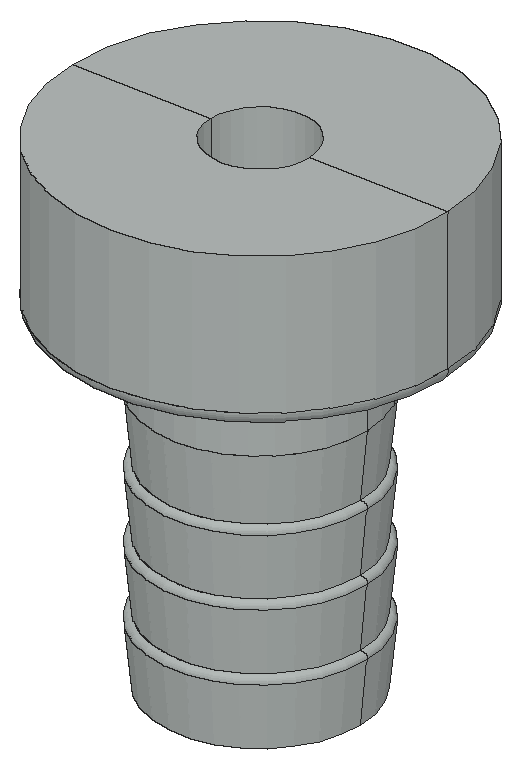
Revit family "HA06300000", category Apparecchi idraulici, Revit 2020
Family settings
  Quota connettore circolare = Usa diametro
  Tipo di parte = Normale
  Numero OmniClass = 23.45.00.00
  Titolo OmniClass = Sanitary, Laundry, and Cleaning Equipment
  Basato su piano di lavoro = No
  Sempre verticale = Sì
  Taglio con vuoti quando caricato = No
  Condiviso = No
  Punto di calcolo locali = No
Parameters
  URL = "https://web.cimberio.com/index.php/figura/110?subcategoria_id=31485"
  Temperatura di esercizio = "-10 ÷ 90°C"
  Prospetto di default = 0 mm
  Produttore = "CIMBERIO SPA"
  Pressione nominale = "PN 16"
  Modello = "Cim 147"
  Materiale = "Prodotto in lega di ottone conforme alla norma EN 12165-CW617N-DW"
  Descrizione = "Realizzato in ottemperanza ai requisiti gestionali della norma EN ISO 9001.\r\nCollaudato al 100% secondo la normativa EN 12266-1"
  DN [instance] = 15 mm
  Commenti sul tipo = "Utilizzato per impianti idrici, applicazioni industriali ed agricole, in generale con ogni fluido non corrosivo"
Reference planes
  plane 1 "Centro (Fronte/Retro)": y = 0
  plane 2: z = 0
  plane 3 "Centro (Sinistra/Destra)": x = 0
Forms (mm)
  Revolve 1, solid, material "Cim_Lega di ottone"
    sketch origin (25, 0, 0) x (-1, 0, 0) y (0, 0, -1)
      loop
        line (28.703, -25) -> (28.703, -36.5) -> (39, -36.5) -> (39, -26)
        arc (39, -26) -> (38.707, -25.293) -> (38, -25) r 1
        line (38, -25) -> (28.703, -25)
      axis (25, -36.5) -> (25, -25)
    angle from 0 to 360
  Revolve 2, solid, material "Cim_Lega di ottone"
    sketch origin (25, 0, 0) x (-1, 0, 0) y (0, 0, -1)
      loop
        line (33, -25) -> (33, -19.779) -> (32.5, -15) -> (28.703, -15) -> (28.703, -25) -> (33, -25)
      axis (25, -25) -> (25, -15)
    angle from 0 to 360
  Revolve 3, solid, material "Cim_Lega di ottone"
    sketch origin (25, 0, 0) x (-1, 0, 0) y (0, 0, -1)
      loop
        arc (32.489, -15) -> (32.847, -14.841) -> (32.968, -14.469) r 0.481
        line (32.968, -14.469) -> (32.5, -10) -> (28.703, -10) -> (28.703, -15) -> (32.489, -15)
      axis (25, -15) -> (25, -10)
    angle from 0 to 360
  Revolve 4, solid, material "Cim_Lega di ottone"
    sketch origin (25, 0, -5) x (-1, 0, 0) y (0, 0, -1)
      loop
        arc (32.489, -15) -> (32.847, -14.841) -> (32.968, -14.469) r 0.481
        line (32.968, -14.469) -> (32.5, -10) -> (28.703, -10) -> (28.703, -15) -> (32.489, -15)
      axis (25, -15) -> (25, -10)
    angle from 0 to 360
  Revolve 5, solid, material "Cim_Lega di ottone"
    sketch origin (25, 0, -10) x (-1, 0, 0) y (0, 0, -1)
      loop
        arc (32.489, -15) -> (32.847, -14.841) -> (32.968, -14.469) r 0.481
        line (32.968, -14.469) -> (32.5, -10) -> (28.703, -10) -> (28.703, -15) -> (32.489, -15)
      axis (25, -15) -> (25, -10)
    angle from 0 to 360
Dimensions and locks
  aligned and locked: level to plane 2
Connectors
  piping at (0, 0, 36.5), diameter 15, driven by "DN"
    settings: on Revolve 1, index 1, connector inside diameter 609.6 mm, connector length 0 mm, flow factor 0, pipe flow 0.0 L/s, pressure drop 0.0 Pa, fitting loss kfactor 0, connector angle 0.00°, fixture units 0, engagement length 0 mm, angle of deflection 0.00°, flow configuration 0, flow direction 0, fitting loss method 0, system type 7, joint type 0, gender type 0, connector reference index -1, connector utility 0, adjustable connector no, is connector primary yes, connector description ""
  piping at (0, 0, 0), diameter 15, driven by "DN"
    settings: on Revolve 5, index 2, connector inside diameter 609.6 mm, connector length 0 mm, flow factor 0, pipe flow 0.0 L/s, pressure drop 0.0 Pa, fitting loss kfactor 0, connector angle 0.00°, fixture units 0, engagement length 0 mm, angle of deflection 0.00°, flow configuration 0, flow direction 0, fitting loss method 0, system type 7, joint type 0, gender type 0, connector reference index -1, connector utility 0, adjustable connector no, is connector primary no, connector description ""
